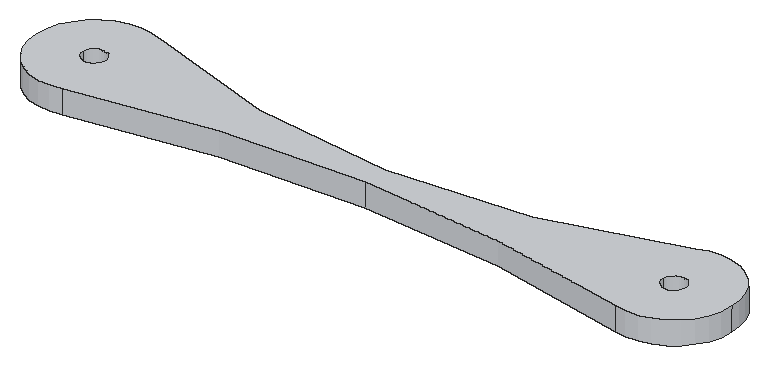
Revit family "MN-Sezione_TB_h", category Generic Models, Revit 2012
Parameters (values of type "SezioneTB_h")
  top_h_r [instance] = top_r + top_conca_h_ctrl + r_ctrl  # 650 mm
  top_conca_h [instance] = 0 mm
  top_conca_h_ctrl [instance] = if(top_conca_h > r_ctrl - 1 mm, r_ctrl - 1 mm, if(top_conca_h < -r_ctrl, -r_ctrl + 1 mm, top_conca_h))  # 0 mm
  top_cerchio_a [instance] = top_angolo + 90.0000°  # 112.6199°
  top_angolo [instance] = 90.0000° - 2 * (atan((interasse + 2 * top_conca_h_ctrl - 2 * r_ctrl) / (interasse - 2 * top_conca_h_ctrl + 2 * r_ctrl)))  # 22.6199°
  spessore_half [instance] = spessore / 2  # 10 mm
  spessore [instance] = 20 mm
  r_ctrl [instance] = if(and(r > 0 mm, r > conca_distanza_min), if(r > interasse_half, interasse_half - 10 mm, r), conca_distanza_min + 10 mm)  # 50 mm
  r [instance] = 50 mm
  materiale = none
  foro_r_ctrl [instance] = if(foro_r < r, foro_r, r - 10 mm)  # 10 mm
  foro_r = 10 mm
  conca_distanza_min = 20 mm
  interasse_half [instance] = interasse / 2  # 250 mm
  top_r [instance] = (-(interasse ^ 2) - 4 * (top_conca_h_ctrl ^ 2) + 4 * (r_ctrl ^ 2)) / (8 * (top_conca_h_ctrl - r_ctrl))  # 600 mm
  interasse [instance] = 500 mm
  foro_dx_distanza [instance] = 0 mm
  foro_sx_distanza [instance] = 0 mm
  bottom_h_r [instance] = bottom_r + bottom_conca_h_ctrl + r_ctrl  # 1113.086 mm
  bottom_conca_h_ctrl [instance] = if(bottom_conca_h > r_ctrl - 1 mm, r_ctrl - conca_distanza_min, if(bottom_conca_h < -r_ctrl + conca_distanza_min, -r_ctrl + conca_distanza_min, if(bottom_conca_h + top_conca_h_ctrl > conca_distanza_min, bottom_conca_h, -top_conca_h_ctrl + conca_distanza_min + 1 mm)))  # 21 mm
  bottom_conca_h [instance] = 0 mm
  bottom_r [instance] = (-(interasse ^ 2) - 4 * (bottom_conca_h_ctrl ^ 2) + 4 * (r_ctrl ^ 2)) / (8 * (bottom_conca_h_ctrl - r_ctrl))  # 1042.086 mm
  bottom_cerchio_a [instance] = bottom_angolo + 90.0000°  # 103.2335°
  bottom_angolo [instance] = 90.0000° - 2 * (atan((interasse + 2 * bottom_conca_h_ctrl - 2 * r_ctrl) / (interasse - 2 * bottom_conca_h_ctrl + 2 * r_ctrl)))  # 13.2335°
  Default Elevation = 1219.2 mm
Reference planes
  plane 1 "Center (Front/Back)": y = 0
  plane 2: z = 0
  plane 3 "Center (Left/Right)": x = 0
  plane 4: x = 500
  plane 5: x = 250
  plane 6: y = 50
  plane 7: y = -1063.086
  plane 8: y = -50
  plane 9: y = 600
  plane 10: z = 20
Forms (mm)
  Extrusion 1, solid
    sketch origin (0, 0, 0) x (1, 0, 0) y (0, 1, 0)
      loop
        arc (480.769, 46.154) -> (367.67, 11.652) -> (250, 0) r 600
        arc (250, 0) -> (132.33, 11.652) -> (19.231, 46.154) r 600
        arc (19.231, 46.154) -> (-27.735, 41.603) -> (-50, 0) r 50
        arc (-50, 0) -> (-31.046, -39.194) -> (11.446, -48.672) r 50
        arc (11.446, -48.672) -> (129.923, -27.941) -> (250, -21) r 1042.086
        arc (250, -21) -> (370.077, -27.941) -> (488.554, -48.672) r 1042.086
        arc (488.554, -48.672) -> (531.046, -39.194) -> (550, 0) r 50
        arc (550, 0) -> (527.735, 41.603) -> (480.769, 46.154) r 50
    from 0 to 20
  Extrusion 2, void
    sketch origin (0, 0, 0) x (1, 0, 0) y (0, 1, 0)
      loop
        circle (500, 0) r 10
      loop
        circle (0, 0) r 10
    from 0 to 20
Cuts and joins
  Extrusion 2 cuts Extrusion 1
Dimensions and locks
  equal spacing: plane 4, plane 5, plane 3 "Center (Left/Right)"
  "interasse_half": plane 5 to plane 3 "Center (Left/Right)"
  "r_ctrl": plane 8 to plane 1 "Center (Front/Back)"
  "top_h_r": plane 8 to plane 9
  "r_ctrl": plane 1 "Center (Front/Back)" to plane 6
  "bottom_h_r": plane 7 to plane 6
  "spessore": plane 10 to level
  "bottom_r": radius of Extrusion 1 sketch curve
  "top_r": radius of Extrusion 1 sketch curve
  "r_ctrl": radius of Extrusion 1 sketch curve  (x4)
  "foro_r_ctrl": radius of Extrusion 2 sketch curve  (x2)
  "bottom_angolo": angle Extrusion 1 sketch curve to Extrusion 1 sketch curve  (x2)
  "top_angolo": angle Extrusion 1 sketch curve to Extrusion 1 sketch curve  (x2)
  "bottom_cerchio_a": angle Extrusion 1 sketch curve to Extrusion 1 sketch curve  (x2)
  "top_cerchio_a": angle Extrusion 1 sketch curve to Extrusion 1 sketch curve  (x2)
  aligned and locked: level to plane 2
  aligned and locked: plane 9 to Extrusion 1 sketch curve  (x2)
  aligned and locked: plane 5 to Extrusion 1 sketch curve  (x6)
  aligned and locked: plane 7 to Extrusion 1 sketch curve  (x2)
  aligned and locked: plane 1 "Center (Front/Back)" to Extrusion 1 sketch curve  (x4)
  aligned and locked: plane 4 to Extrusion 1 sketch curve
  aligned and locked: plane 3 "Center (Left/Right)" to Extrusion 2 sketch curve
  aligned and locked: plane 1 "Center (Front/Back)" to Extrusion 2 sketch curve  (x2)
  aligned and locked: plane 4 to Extrusion 2 sketch curve
  aligned and locked: plane 10 to Extrusion 1
  aligned and locked: Extrusion 1 to Extrusion 2
Automatic sketch dimensions
  Extrusion 1 sketch curve to plane 3 "Center (Left/Right)" = 0 mm
